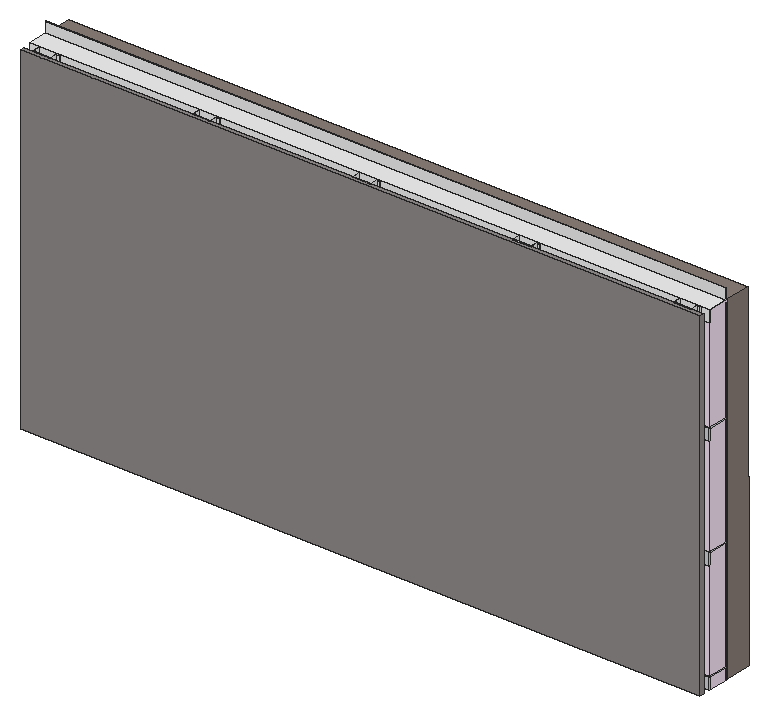
Revit family "Acrytec Panel - Quartzkote", category Generic Models, Revit 2016
Family settings
  Part Type = Normal
  Can host rebar = No
  Round Connector Dimension = Use Diameter
  Work Plane-Based = No
  Always vertical = Yes
  Cut with Voids When Loaded = No
  Shared = No
  Room Calculation Point = No
Parameters (values of type "Acrytec Panel - Quartzkote")
  panelHeight [instance] = 1220 mm
  Uninsulated Panel Type = not(Insulated Panel Type)  # no
  Insulated Panel Type = yes
  Vertical Girt Spacing [instance] = if(and(PanelWidth > 1799 mm, PanelWidth < 2301 mm), 1, (PanelWidth / 2) / 575 mm) + 1  # 3
  Warm Grey = no
  Shoreline = no
  Sandy Beach = yes
  River Bank = no
  Marble Chasm = no
  Glacial Ridge = no
  PanelWidth [instance] = 2440 mm
  PanelZGirt [instance] = 75 mm
  PanelThickness [instance] = PanelFinish + PanelZGirt + PanelHatSection  # 115.422 mm
  PanelHatSection [instance] = 25.383 mm
  PanelFinish [instance] = 15.04 mm
  Panel-A-CL-Offset = 382.729 mm
  Frost = no
  Delta Sand = no
  Horizontal Girt Spacing [instance] = panelHeight / 400 mm  # 3
  Horizontal Girt Length [instance] = PanelWidth  # 2440 mm
Types (2, lengths in mm): name | Sandy Beach | River Bank
  Acrytec Panel - Quartzkote | yes | no
  Acrytec Panel - Quartzkote - Uninsulated | no | yes
Reference planes
  plane 1 "Center (Front/Back)": y = 0
  plane 2: z = 0
  plane 3 "Center (Left/Right)": x = 0
  plane 4: y = -75
  plane 5: y = -115.422
  plane 6: z = 1220
  plane 7: y = -100.383
  plane 8: x = -1220
  plane 9: x = 1220
Forms (mm)
  Extrusion 1, solid, material "2016-31-moisture Membrane", visible <- "Insulated Panel Type"
    sketch origin (0, 0, 0) x (1, 0, 0) y (0, 0, 1)
      loop
        line (-1220, 0) -> (1220, 0) -> (1220, 1220) -> (-1220, 1220) -> (-1220, 0)
    from -1 to 0
  Extrusion 2, solid, material "2016-31-Standard Brick", visible <- "Insulated Panel Type"
    sketch origin (0, 0, 0) x (1, 0, 0) y (0, 0, 1)
      loop
        line (-1220, 0) -> (1220, 0) -> (1220, 1220) -> (-1220, 1220) -> (-1220, 0)
    from -100 to -1
  Extrusion 3, solid, material "00 - Quartzkote_Delta Sand", visible <- "Delta Sand"
    sketch origin (0, 0, 0) x (1, 0, 0) y (0, 0, 1)
      loop
        line (1220, 0) -> (1220, 1220) -> (-1220, 1220) -> (-1220, 0) -> (1220, 0)
    from 100.383 to 115.422
  Extrusion 4, solid, material "00 - Quartzkote_Frost", visible <- "Frost"
    sketch origin (0, 0, 0) x (1, 0, 0) y (0, 0, 1)
      loop
        line (1220, 0) -> (1220, 1220) -> (-1220, 1220) -> (-1220, 0) -> (1220, 0)
    from 100.383 to 115.422
  Extrusion 5, solid, material "00 - Quartzkote_Glacial Ridge", visible <- "Glacial Ridge"
    sketch origin (0, 0, 0) x (1, 0, 0) y (0, 0, 1)
      loop
        line (1220, 0) -> (1220, 1220) -> (-1220, 1220) -> (-1220, 0) -> (1220, 0)
    from 100.383 to 115.422
  Extrusion 6, solid, material "00 - Quartzkote_Marble Chasm", visible <- "Marble Chasm"
    sketch origin (0, 0, 0) x (1, 0, 0) y (0, 0, 1)
      loop
        line (1220, 0) -> (1220, 1220) -> (-1220, 1220) -> (-1220, 0) -> (1220, 0)
    from 100.383 to 115.422
  Extrusion 7, solid, material "00 - Quartzkote_River Bank", visible <- "River Bank"
    sketch origin (0, 0, 0) x (1, 0, 0) y (0, 0, 1)
      loop
        line (1220, 0) -> (1220, 1220) -> (-1220, 1220) -> (-1220, 0) -> (1220, 0)
    from 100.383 to 115.422
  Extrusion 8, solid, material "00 - Quartzkote_Sandy Beach", visible <- "Sandy Beach"
    sketch origin (0, 0, 0) x (1, 0, 0) y (0, 0, 1)
      loop
        line (1220, 0) -> (1220, 1220) -> (-1220, 1220) -> (-1220, 0) -> (1220, 0)
    from 100.383 to 115.422
  Extrusion 9, solid, material "00 - Quartzkote_Shoreline", visible <- "Shoreline"
    sketch origin (0, 0, 0) x (1, 0, 0) y (0, 0, 1)
      loop
        line (1220, 0) -> (1220, 1220) -> (-1220, 1220) -> (-1220, 0) -> (1220, 0)
    from 100.383 to 115.422
  Extrusion 10, solid, material "00 - Quartzkote_Warm Grey", visible <- "Warm Grey"
    sketch origin (0, 0, 0) x (1, 0, 0) y (0, 0, 1)
      loop
        line (1220, 0) -> (1220, 1220) -> (-1220, 1220) -> (-1220, 0) -> (1220, 0)
    from 100.383 to 115.422
  Extrusion 11, solid, material "2016-31-Galvanized-Aluminum 2014-T4", not visible
    sketch origin (0, 0, 0) x (1, 0, 0) y (0, 1, 0)
      loop
        line (-609.6, -75) -> (-609.6, -100.383) -> (-544.314, -100.383) -> (-544.314, -76) -> (-532.497, -76) -> (-532.497, -75) -> (-545.314, -75) -> (-545.314, -99.383) -> (-608.6, -99.383) -> (-608.6, -75) -> (-609.6, -75)
    from 0 to 2438.4
  Extrusion 12, solid, material "2016-31-Galvanized-Aluminum 2014-T4"
    sketch origin (571.049, 0, 0) x (1, 0, 0) y (0, 1, 0)
      loop
        line (-609.6, -75) -> (-609.6, -100.383) -> (-544.314, -100.383) -> (-544.314, -76) -> (-532.497, -76) -> (-532.497, -75) -> (-545.314, -75) -> (-545.314, -99.383) -> (-608.6, -99.383) -> (-608.6, -75) -> (-609.6, -75)
    from 0 to 1220 <- "panelHeight"
  Extrusion 13, solid, material "2016-31-Galvanized-Aluminum 2014-T4"
    sketch origin (1146.049, 0, 0) x (1, 0, 0) y (0, 1, 0)
      loop
        line (-609.6, -75) -> (-609.6, -100.383) -> (-544.314, -100.383) -> (-544.314, -76) -> (-532.497, -76) -> (-532.497, -75) -> (-545.314, -75) -> (-545.314, -99.383) -> (-608.6, -99.383) -> (-608.6, -75) -> (-609.6, -75)
    from 0 to 1220 <- "panelHeight"
  Extrusion 14, solid, material "2016-31-Galvanized-Aluminum 2014-T4"
    sketch origin (-3.951, 0, 0) x (1, 0, 0) y (0, 1, 0)
      loop
        line (-609.6, -75) -> (-609.6, -100.383) -> (-544.314, -100.383) -> (-544.314, -76) -> (-532.497, -76) -> (-532.497, -75) -> (-545.314, -75) -> (-545.314, -99.383) -> (-608.6, -99.383) -> (-608.6, -75) -> (-609.6, -75)
    from 0 to 1220 <- "panelHeight"
  Extrusion 15, solid, material "2016-31-Rigid Insulation", visible <- "Insulated Panel Type"
    sketch origin (47.064, -614.101, 42.626) x (0, 1, 0) y (-1, 0, 0)
      loop
        line (616.26, 1267.064) -> (542.259, 1267.064) -> (542.259, -1172.936) -> (616.26, -1172.936) -> (616.26, 1267.064)
    from -42.626 to 1177.374
  Extrusion 16, solid, material "2016-31-Galvanized-Aluminum 2014-T4", visible <- "Insulated Panel Type"
    sketch origin (-2162.5, 0, 785) x (0, 1, 0) y (0, 0, 1)
      loop
        line (0, 475) -> (-2.875, 475) -> (-2.875, 437.626) -> (-74.375, 437.626) -> (-74.375, 395) -> (-71.842, 395) -> (-71.842, 435) -> (0, 435) -> (0, 475)
    from 3382.5 to 942.5
  Extrusion 17, solid, material "2016-31-Galvanized-Aluminum 2014-T4", visible <- "Uninsulated Panel Type"
    sketch origin (0, 0, 20) x (0, 1, 0) y (0, 0, 1)
      loop
        line (-99.383, 1180) -> (-96.849, 1180) -> (-96.849, 1200) -> (-74.375, 1200) -> (-74.375, 1222.626) -> (-76.975, 1222.626) -> (-76.975, 1202.626) -> (-99.383, 1202.626) -> (-99.383, 1180)
    from -1220 to 1220
  Extrusion 18, solid, material "2016-31-moisture Membrane", visible <- "Uninsulated Panel Type"
    sketch origin (0, -74.375, 0) x (1, 0, 0) y (0, 0, 1)
      loop
        line (-1220, 0) -> (1220, 0) -> (1220, 1220) -> (-1220, 1220) -> (-1220, 0)
    from -1 to 0
  Extrusion 19, solid, material "2016-31-Standard Brick", visible <- "Uninsulated Panel Type"
    sketch origin (0, -74.375, 0) x (1, 0, 0) y (0, 0, 1)
      loop
        line (-1220, 0) -> (1220, 0) -> (1220, 1220) -> (-1220, 1220) -> (-1220, 0)
    from -100 to -1
  Extrusion 20, solid, material "2016-31-Galvanized-Aluminum 2014-T4"
    sketch origin (1721.049, 0, 0) x (1, 0, 0) y (0, 1, 0)
      loop
        line (-609.6, -75) -> (-609.6, -100.383) -> (-544.314, -100.383) -> (-544.314, -76) -> (-532.497, -76) -> (-532.497, -75) -> (-545.314, -75) -> (-545.314, -99.383) -> (-608.6, -99.383) -> (-608.6, -75) -> (-609.6, -75)
    from 0 to 1220 <- "panelHeight"
  Extrusion 21, solid, material "2016-31-Galvanized-Aluminum 2014-T4"
    sketch origin (-578.951, 0, 0) x (1, 0, 0) y (0, 1, 0)
      loop
        line (-609.6, -75) -> (-609.6, -100.383) -> (-544.314, -100.383) -> (-544.314, -76) -> (-532.497, -76) -> (-532.497, -75) -> (-545.314, -75) -> (-545.314, -99.383) -> (-608.6, -99.383) -> (-608.6, -75) -> (-609.6, -75)
    from 0 to 1220 <- "panelHeight"
Dimensions and locks
  "panelHeight": plane 6 to level
  "PanelZGirt": plane 4 to plane 1 "Center (Front/Back)"
  "PanelThickness": plane 5 to plane 1 "Center (Front/Back)"
  "PanelWidth": Extrusion 1 sketch curve to Extrusion 1 sketch curve
  Extrusion 1 sketch curve to Extrusion 1 sketch curve = 1220 mm
  Extrusion 1 sketch curve to Extrusion 1 sketch curve = 2440 mm
  "PanelWidth": Extrusion 2 sketch curve to Extrusion 2 sketch curve
  Extrusion 2 sketch curve to Extrusion 2 sketch curve = 1220 mm
  Extrusion 2 sketch curve to Extrusion 2 sketch curve = 2440 mm
  equal spacing: Extrusion 3 sketch curve, plane 3 "Center (Left/Right)", Extrusion 3 sketch curve
  "panelHeight": Extrusion 3 sketch curve to Extrusion 3 sketch curve
  "PanelWidth": Extrusion 3 sketch curve to Extrusion 3 sketch curve
  equal spacing: Extrusion 4 sketch curve, plane 3 "Center (Left/Right)", Extrusion 4 sketch curve
  "panelHeight": Extrusion 4 sketch curve to Extrusion 4 sketch curve
  "PanelWidth": Extrusion 4 sketch curve to Extrusion 4 sketch curve
  equal spacing: Extrusion 5 sketch curve, plane 3 "Center (Left/Right)", Extrusion 5 sketch curve
  "panelHeight": Extrusion 5 sketch curve to Extrusion 5 sketch curve
  "PanelWidth": Extrusion 5 sketch curve to Extrusion 5 sketch curve
  equal spacing: Extrusion 6 sketch curve, plane 3 "Center (Left/Right)", Extrusion 6 sketch curve
  "panelHeight": Extrusion 6 sketch curve to Extrusion 6 sketch curve
  "PanelWidth": Extrusion 6 sketch curve to Extrusion 6 sketch curve
  equal spacing: Extrusion 7 sketch curve, plane 3 "Center (Left/Right)", Extrusion 7 sketch curve
  "panelHeight": Extrusion 7 sketch curve to Extrusion 7 sketch curve
  "PanelWidth": Extrusion 7 sketch curve to Extrusion 7 sketch curve
  equal spacing: Extrusion 8 sketch curve, plane 3 "Center (Left/Right)", Extrusion 8 sketch curve
  "panelHeight": Extrusion 8 sketch curve to Extrusion 8 sketch curve
  "PanelWidth": Extrusion 8 sketch curve to Extrusion 8 sketch curve
  equal spacing: Extrusion 9 sketch curve, plane 3 "Center (Left/Right)", Extrusion 9 sketch curve
  "panelHeight": Extrusion 9 sketch curve to Extrusion 9 sketch curve
  "PanelWidth": Extrusion 9 sketch curve to Extrusion 9 sketch curve
  equal spacing: Extrusion 10 sketch curve, plane 3 "Center (Left/Right)", Extrusion 10 sketch curve
  "panelHeight": Extrusion 10 sketch curve to Extrusion 10 sketch curve
  "PanelWidth": Extrusion 10 sketch curve to Extrusion 10 sketch curve
  equal spacing: plane 9, plane 3 "Center (Left/Right)", plane 8
  "PanelWidth": plane 9 to plane 8
  equal spacing: group 2, group 3, group 8  (x3)
  equal spacing: group 9, group 4, group 2
  equal spacing: group 2, group 4, group 9  (x2)
  equal spacing: group 5, group 6, group 7  (x3)
  Extrusion 1 to Extrusion 15 = 1220 mm
  "PanelWidth": Extrusion 18 sketch curve to Extrusion 18 sketch curve
  Extrusion 18 sketch curve to Extrusion 18 sketch curve = 1220 mm
  Extrusion 18 sketch curve to Extrusion 18 sketch curve = 2440 mm
  "PanelWidth": Extrusion 19 sketch curve to Extrusion 19 sketch curve
  Extrusion 19 sketch curve to Extrusion 19 sketch curve = 1220 mm
  Extrusion 19 sketch curve to Extrusion 19 sketch curve = 2440 mm
  aligned and locked: Extrusion 2 to Extrusion 1
  aligned and locked: Extrusion 2 to plane 2
  aligned and locked: Extrusion 1 to plane 2
  aligned and locked: plane 2 to level
  aligned and locked: plane 6 to Extrusion 2
  aligned and locked: plane 6 to Extrusion 1
  aligned and locked: plane 3 "Center (Left/Right)" to nested 1
  aligned and locked: nested 1 to plane 1 "Center (Front/Back)"
  aligned and locked: Extrusion 15 to level
  aligned and locked: Extrusion 19 to Extrusion 18
  aligned and locked: Extrusion 19 to level
  aligned and locked: Extrusion 18 to level
  aligned and locked: plane 9 to Extrusion 17
  aligned and locked: plane 9 to Extrusion 16
  aligned and locked: Extrusion 17 to plane 8
  aligned and locked: Extrusion 16 to plane 8
  aligned and locked: plane 6 to Extrusion 15
  aligned and locked: plane 6 to Extrusion 19
  aligned and locked: Extrusion 15 to Extrusion 1
Automatic sketch dimensions
  Extrusion 11 sketch curve to Extrusion 11 sketch curve = 1 mm  (x4)
  Extrusion 11 sketch curve to Extrusion 11 sketch curve = 63.286 mm
  Extrusion 11 sketch curve to Extrusion 11 sketch curve = 11.817 mm
  Extrusion 11 sketch curve to Extrusion 11 sketch curve = 23.383 mm
  Extrusion 11 sketch curve to Extrusion 11 sketch curve = 24.383 mm
  Extrusion 12 sketch curve to Extrusion 12 sketch curve = 1 mm  (x4)
  Extrusion 12 sketch curve to Extrusion 12 sketch curve = 63.286 mm
  Extrusion 12 sketch curve to Extrusion 12 sketch curve = 11.817 mm
  Extrusion 12 sketch curve to Extrusion 12 sketch curve = 23.383 mm
  Extrusion 12 sketch curve to Extrusion 12 sketch curve = 24.383 mm
  Extrusion 13 sketch curve to Extrusion 13 sketch curve = 1 mm  (x4)
  Extrusion 13 sketch curve to Extrusion 13 sketch curve = 63.286 mm
  Extrusion 13 sketch curve to Extrusion 13 sketch curve = 11.817 mm
  Extrusion 13 sketch curve to Extrusion 13 sketch curve = 23.383 mm
  Extrusion 13 sketch curve to Extrusion 13 sketch curve = 24.383 mm
  Extrusion 14 sketch curve to Extrusion 14 sketch curve = 1 mm  (x4)
  Extrusion 14 sketch curve to Extrusion 14 sketch curve = 63.286 mm
  Extrusion 14 sketch curve to Extrusion 14 sketch curve = 11.817 mm
  Extrusion 14 sketch curve to Extrusion 14 sketch curve = 23.383 mm
  Extrusion 14 sketch curve to Extrusion 14 sketch curve = 24.383 mm
  Extrusion 15 sketch curve to plane 9 = 0 mm
  Extrusion 15 sketch curve to plane 8 = 0 mm
  plane 4 to Extrusion 15 sketch curve = 3.159 mm
  Extrusion 15 sketch curve to plane 1 "Center (Front/Back)" = 2.159 mm
  Extrusion 16 sketch curve to plane 6 = 0 mm
  Extrusion 16 sketch curve to plane 1 "Center (Front/Back)" = 0 mm
  plane 1 "Center (Front/Back)" to Extrusion 16 sketch curve = 2.875 mm
  plane 4 to Extrusion 16 sketch curve = 3.158 mm
  plane 4 to Extrusion 16 sketch curve = 0.625 mm
  Extrusion 16 sketch curve to Extrusion 16 sketch curve = 40 mm
  plane 6 to Extrusion 16 sketch curve = 2.626 mm
  Extrusion 16 sketch curve to Extrusion 16 sketch curve = 37.374 mm
  Extrusion 17 sketch curve to plane 6 = 0 mm
  plane 7 to Extrusion 17 sketch curve = 1 mm
  Extrusion 17 sketch curve to Extrusion 17 sketch curve = 2.534 mm
  Extrusion 17 sketch curve to plane 4 = 1.975 mm
  plane 4 to Extrusion 17 sketch curve = 0.625 mm
  Extrusion 17 sketch curve to plane 6 = 20 mm
  plane 6 to Extrusion 17 sketch curve = 2.626 mm
  Extrusion 17 sketch curve to Extrusion 17 sketch curve = 20 mm
  Extrusion 20 sketch curve to Extrusion 20 sketch curve = 1 mm  (x4)
  Extrusion 20 sketch curve to Extrusion 20 sketch curve = 63.286 mm
  Extrusion 20 sketch curve to Extrusion 20 sketch curve = 11.817 mm
  Extrusion 20 sketch curve to Extrusion 20 sketch curve = 23.383 mm
  Extrusion 20 sketch curve to Extrusion 20 sketch curve = 24.383 mm
  Extrusion 21 sketch curve to Extrusion 21 sketch curve = 1 mm  (x4)
  Extrusion 21 sketch curve to Extrusion 21 sketch curve = 63.286 mm
  Extrusion 21 sketch curve to Extrusion 21 sketch curve = 11.817 mm
  Extrusion 21 sketch curve to Extrusion 21 sketch curve = 23.383 mm
  Extrusion 21 sketch curve to Extrusion 21 sketch curve = 24.383 mm
  Extrusion 1 sketch curve to plane 6 = 0 mm
  Extrusion 1 sketch curve to plane 8 = 0 mm
  Extrusion 2 sketch curve to plane 6 = 0 mm
  Extrusion 2 sketch curve to plane 8 = 0 mm
  Extrusion 3 sketch curve to level = 0 mm
  Extrusion 4 sketch curve to level = 0 mm
  Extrusion 5 sketch curve to level = 0 mm
  Extrusion 6 sketch curve to level = 0 mm
  Extrusion 7 sketch curve to level = 0 mm
  Extrusion 8 sketch curve to level = 0 mm
  Extrusion 9 sketch curve to level = 0 mm
  Extrusion 10 sketch curve to level = 0 mm
  Extrusion 18 sketch curve to plane 6 = 0 mm
  Extrusion 18 sketch curve to plane 8 = 0 mm
  Extrusion 19 sketch curve to plane 6 = 0 mm
  Extrusion 19 sketch curve to plane 8 = 0 mm
Nested families
  nested 1: "Horizontal Girt Nested Array" at (0, -37.5, 0), Girt Length <- "PanelWidth", visible <- "Insulated Panel Type", type "Horizontal Girt Nested Array"
    with Girt Length 2440 mm
  nested 2: "Horizontal Girt Nested Array" at (0, -37.5, 400), Girt Length <- "PanelWidth", visible <- "Insulated Panel Type", type "Horizontal Girt Nested Array"
    with Girt Length 2440 mm
  nested 3: "Horizontal Girt Nested Array" at (0, -37.5, 800), Girt Length <- "PanelWidth", visible <- "Insulated Panel Type", type "Horizontal Girt Nested Array"
    with Girt Length 2440 mm
Definition of nested family "Horizontal Girt Nested Array"
  Parameters (values of type "Horizontal Girt Nested Array")
    Girt Length [instance] = 500 mm
  Reference planes
    plane 1 "Center (Front/Back)": y = 0
    plane 2: z = 0
    plane 3 "Center (Left/Right)": x = 0
    plane 4: x = -250
    plane 5: x = 250
    plane 6: z = 3500
  Dimensions and locks
    equal spacing: plane 4, plane 3 "Center (Left/Right)", plane 5
    plane 6 to level = 3500 mm
    "Girt Length": plane 4 to plane 5
    plane 4 to plane 5 = 500 mm
    aligned and locked: level to plane 2
    aligned and locked: plane 4 to nested 1
    aligned and locked: plane 5 to nested 1
  Nested families
    nested 1: "Horizontal Girt" at (0, 0, 0), type "Horizontal Girt"
      with Girt Length 500 mm
  Definition of nested family "Horizontal Girt"
    Parameters (values of type "Horizontal Girt")
      Girt Length [instance] = 4000 mm
    Reference planes
      plane 1 "Center (Front/Back)": y = 0
      plane 2: z = 0
      plane 3 "Center (Left/Right)": x = 0
      plane 4: x = -2000
      plane 5: x = 2000
    Forms (mm)
      Extrusion 1, solid
        sketch origin (0, 0, 0) x (0, 1, 0) y (0, 0, 1)
          loop
            line (-37.5, 43) -> (-37.5, 0) -> (-34.5, 0) -> (-34.5, 40) -> (37.5, 40) -> (37.5, 80) -> (34.5, 80) -> (34.5, 43) -> (-37.5, 43)
        from -2000 to 2000
    Dimensions and locks
      equal spacing: plane 4, plane 3 "Center (Left/Right)", plane 5
      "Girt Length": plane 4 to plane 5
      aligned and locked: level to plane 2
      aligned and locked: Extrusion 1 to plane 4
      aligned and locked: plane 5 to Extrusion 1
    Automatic sketch dimensions
      Extrusion 1 sketch curve to Extrusion 1 sketch curve = 3 mm  (x3)
      Extrusion 1 sketch curve to level = 0 mm
      Extrusion 1 sketch curve to Extrusion 1 sketch curve = 37 mm
      plane 1 "Center (Front/Back)" to Extrusion 1 sketch curve = 37.5 mm
      Extrusion 1 sketch curve to plane 1 "Center (Front/Back)" = 34.5 mm
      level to Extrusion 1 sketch curve = 40 mm
